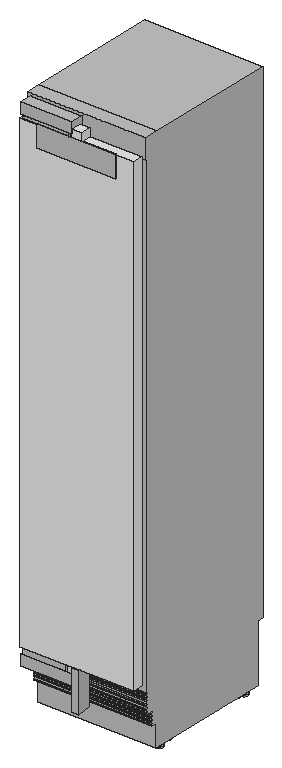
Revit family "FP-Revit20-en-RS4621FLJE1-Freezer-0-AS-AU-CN-EU-IE-NZ-SG-UK-90001086A", category Specialty Equipment, Revit 2020
Family settings
  Round Connector Dimension = Use Diameter
  Part Type = Normal
  OmniClass Number = 23.40.40.11.11
  OmniClass Title = Refrigerators and Freezers
  Work Plane-Based = No
  Always vertical = Yes
  Cut with Voids When Loaded = Yes
  Shared = No
  Room Calculation Point = No
Parameters (values of type "RS4621FLJE1")
  Visibility - Water Connection = no
  Visibility - Visibility Control Note = yes
  Visibility - Clearance Required = yes
  URL = "www.fisherpaykel.com"
  Stainless Steel Door Panels (RD4612L10D) = no
  Product - Width = 451 mm  # constant formula
  Product - Height = 2134 mm  # constant formula
  Product - Depth (exl front panel) = 610 mm  # constant formula
  Model = "RS4621FLJE1"
  Material - Handle = Fisher & Paykel - Aluminium
  Material - Door Structure = Fisher & Paykel - White
  Material - Door Front = Fisher & Paykel - Stainless Steel
  Material - Body = Fisher & Paykel - Grey
  Manufacturer = "Fisher & Paykel Appliances"
  Handle Style - Contemporary Square (AHD3-RD21) = no
  Handle Style - Contemporary Round (AHS-RD21) = no
  Description = "46cm Integrated Column Freezer, stainless steel interior"
  Default Elevation = 0 mm
  Connector Description - Water = "Water Supply not required"
  Connector Description - Electrical = "230 V, 10 amp fused electrical supply"
  Cavity - Width = 457 mm  # constant formula
  Cavity - Height = 2134 mm  # constant formula
  Cavity - Depth = 650 mm  # constant formula
Types (4, lengths in mm): name | Visibility - Water Connection | Model | Description | Connector Description - Water
  (no name) | no | "RS4621FLJE1" | "46cm Integrated Column Freezer, stainless steel interior" | "Water Supply not required"
  RS4621FLJK1 | no | "RS4621FLJK1" | "46cm Integrated Column Freezer with internal ice maker, stainless steel interior" | "1/2 BSP Stainless steel braided hose"
  RS4621FLJE1 | no | "RS4621FLJE1" | "46cm Integrated Column Freezer, stainless steel interior" | "Water Supply not required"
  RS4621FLJ1 | yes | "RS4621FLJ1" | "46cm Integrated Column Freezer with internal ice maker, white interior" | "Water Supply not required"
Reference planes
  plane 1 "Datum": y = 0
  plane 2: z = 0
  plane 3 "Center (Left/Right)": x = 0
  plane 4 "Product LHS": x = -225.5
  plane 5 "Product RHS": x = 225.5
  plane 6 "Product - Depth": y = 610
  plane 7 "Cavity LHS": x = -228.5
  plane 8 "Cavity RHS": x = 228.5
  plane 9 "Cavity - Depth": y = 628
  plane 10 "Handle Offset": x = 162.5
  plane 11 "Product Height": z = 2134
  plane 12 "Cavity Height": z = 2134
  plane 13 "Door Panel Datum": y = -4.1
Forms (mm)
  Extrusion 1, solid, material "Fisher & Paykel - Grey" <- "Material - Body", detail levels fine
    sketch origin (0, 0, 0) x (0, 1, 0) y (0, 0, 1)
      loop
        line (100.1, 19.1) -> (587.9, 19.1) -> (587.9, 239.7) -> (610, 239.7) -> (610, 2131.9) -> (105.1, 2131.9) -> (105.1, 2134) -> (49.9, 2134) -> (49.9, 2059) -> (56, 2059) -> (56, 228.6) -> (59.5, 228.6) -> (59.5, 219.7) -> (56.5, 219.7) -> (56.5, 215.9) -> (59.5, 215.9) -> (59.5, 207) -> (56.5, 207) -> (56.5, 203.2) -> (59.5, 203.2) -> (59.5, 194.3) -> (56.5, 194.3) -> (56.5, 190.5) -> (59.5, 190.5) -> (59.5, 181.6) -> (56.5, 181.6) -> (56.5, 177.8) -> (59.5, 177.8) -> (59.5, 168.9) -> (56.5, 168.9) -> (56.5, 165.1) -> (59.5, 165.1) -> (59.5, 156.2) -> (56.5, 156.2) -> (56.5, 152.4) -> (84.1, 152.4) -> (84.1, 143.5) -> (81.1, 143.5) -> (81.1, 139.7) -> (84.1, 139.7) -> (84.1, 130.8) -> (81.1, 130.8) -> (81.1, 127) -> (84.1, 127) -> (84.1, 118.1) -> (81.1, 118.1) -> (81.1, 114.3) -> (84.1, 114.3) -> (84.1, 105.4) -> (81.1, 105.4) -> (81.1, 101.6) -> (100.1, 101.6) -> (100.1, 19.1)
    from -225.5 to 225.5
  Extrusion 2, solid, material "Fisher & Paykel - Grey" <- "Material - Body"
    sketch origin (0, 0, 0) x (1, 0, 0) y (0, 1, 0)
      loop
        circle (-205, 547.8) r 4.1
      loop
        circle (-205, 141.8) r 4.1
      loop
        circle (205, 547.8) r 4.1
      loop
        circle (205, 141.8) r 4.1
    from 3 to 19.5
  Extrusion 3, solid, material "Fisher & Paykel - Grey" <- "Material - Body"
    sketch origin (0, 0, 0) x (1, 0, 0) y (0, 1, 0)
      loop
        circle (-205, 547.8) r 14.5
      loop
        circle (-205, 141.8) r 14.555
      loop
        circle (205, 547.8) r 14.5
      loop
        circle (205, 141.8) r 14.555
    from 0 to 3
  Extrusion 4, solid, material "Fisher & Paykel - Grey" <- "Material - Body", detail levels fine
    sketch origin (0, 0, 0) x (1, 0, 0) y (0, 1, 0)
      loop
        line (-7.5, 49) -> (-13.797, -4.1) -> (13.797, -4.1) -> (7.5, 49) -> (-7.5, 49)
    from 104.2 to 254.2
  Extrusion 5, solid, material "Fisher & Paykel - Grey" <- "Material - Body", detail levels fine
    sketch origin (0, 0, 0) x (0, 1, 0) y (0, 0, 1)
      loop
        line (0, 2070.6) -> (0, 1988.6) -> (2, 1988.6) -> (2, 2068.6) -> (4, 2068.6) -> (4, 2070.6) -> (0, 2070.6)
    from -150 to 150
  Extrusion 6, solid, material "Fisher & Paykel - Grey" <- "Material - Body"
    sketch origin (0, 0, 0) x (1, 0, 0) y (0, 0, 1)
      loop
        circle (150.5, 119.813) r 5
      loop
        circle (-150.5, 119.813) r 5
    from -590 to -587.9
  Extrusion 7, solid, material "Fisher & Paykel - White" <- "Material - Door Structure"
    sketch origin (0, 0, 0) x (1, 0, 0) y (0, 1, 0)
      loop
        line (-200.5, 56) -> (-200.5, 42) -> (200.5, 42) -> (200.5, 56) -> (-200.5, 56)
    from 269.6 to 2030.7
  Extrusion 8, solid, material "Fisher & Paykel - White" <- "Material - Door Structure"
    sketch origin (0, 0, 0) x (1, 0, 0) y (0, 1, 0)
      loop
        line (-216.9, 42) -> (-216.9, 3) -> (216.9, 3) -> (216.9, 42) -> (-216.9, 42)
    from 254.2 to 2068.6
  Extrusion 9, solid, material "Fisher & Paykel - White" <- "Material - Door Structure", detail levels fine
    sketch origin (0, 0, 0) x (1, 0, 0) y (0, 0, 1)
      loop
        line (-18.92, 2100.1) -> (-18.92, 2068.6) -> (18.92, 2068.6) -> (18.92, 2100.1) -> (-18.92, 2100.1)
    from -42 to -3
  Extrusion 10, solid, material "Fisher & Paykel - Stainless Steel" <- "Material - Door Front", visible <- "Stainless Steel Door Panels (RD4612L10D)"
    sketch origin (0, 0, 0) x (0, 1, 0) y (0, 0, 1)
      loop
        line (-22.1, 2130.8) -> (-22.1, 102) -> (-4.1, 102) -> (-4.1, 2130.8) -> (-22.1, 2130.8)
    from -225.5 to 225.5
  Extrusion 11, solid, material "Fisher & Paykel - Grey" <- "Material - Body", detail levels coarse+medium
    sketch origin (0, 0, 0) x (0, 1, 0) y (0, 0, 1)
      loop
        line (49.9, 2134) -> (49.9, 2059) -> (56, 2059) -> (56, 152.4) -> (81.1, 152.4) -> (81.1, 101.6) -> (100.1, 101.6) -> (100.1, 19.1) -> (587.9, 19.1) -> (587.9, 239.7) -> (610, 239.7) -> (610, 2134) -> (49.9, 2134)
    from -225.5 to 225.5
  Extrusion 12, solid, material "Fisher & Paykel - Grey" <- "Material - Body", detail levels fine
    sketch origin (0, 0, 0) x (-1, 0, 0) y (0, 0, -1)
      loop
        line (213.9, -187.65) -> (18.92, -187.65) -> (18.92, -229.75) -> (213.9, -229.75) -> (213.9, -187.65)
    from -56 to -2.5
  Extrusion 13, solid, material "Fisher & Paykel - Grey" <- "Material - Body", detail levels fine
    sketch origin (0, 0, 0) x (-1, 0, 0) y (0, 0, -1)
      loop
        line (213.9, -2123.15) -> (213.9, -2081.05) -> (18.92, -2081.05) -> (18.92, -2123.15) -> (213.9, -2123.15)
    from -49 to -2.5
  Extrusion 14, solid, material "Fisher & Paykel - Grey" <- "Material - Body", detail levels fine
    sketch origin (0, 0, -4) x (0, 1, 0) y (0, 0, 1)
      loop
        arc (163.888, 23.1) -> (180.4, 13.63) -> (196.912, 23.1) r 19.13
        line (196.912, 23.1) -> (163.888, 23.1)
      loop
        arc (493.888, 23.1) -> (510.4, 13.63) -> (526.912, 23.1) r 19.13
        line (526.912, 23.1) -> (493.888, 23.1)
    from 191 to 219
  Extrusion 15, solid, material "Fisher & Paykel - Grey" <- "Material - Body", detail levels fine
    sketch origin (0, 0, -4) x (0, 1, 0) y (0, 0, -1)
      loop
        line (163.888, -23.1) -> (196.912, -23.1)
        arc (196.912, -23.1) -> (180.4, -13.63) -> (163.888, -23.1) r 19.13
      loop
        line (493.888, -23.1) -> (526.912, -23.1)
        arc (526.912, -23.1) -> (510.4, -13.63) -> (493.888, -23.1) r 19.13
    from 191 to 219
  Extrusion 16, solid, material "Fisher & Paykel - Clearance Required", visible <- "Visibility - Clearance Required", detail levels coarse
    sketch origin (0, 0, 0) x (1, 0, 0) y (0, 1, 0)
      loop
        line (-228.5, 628) -> (-228.5, -4.1) -> (228.5, -4.1) -> (228.5, 628) -> (-228.5, 628)
    from 0 to 2134
  Extrusion 17, void
    sketch origin (0, 0, 0) x (1, 0, 0) y (0, 1, 0)
      loop
        line (-228.5, 628) -> (-228.5, -22.1) -> (228.5, -22.1) -> (228.5, 628) -> (-228.5, 628)
    from 0 to 2134
  Extrusion 18, solid, material "Fisher & Paykel - Clearance Required", visible <- "Visibility - Clearance Required", detail levels coarse
    sketch origin (0, 0, 0) x (-1, 0, 0) y (0, -1, 0)
      loop
        arc (225.5, 22) -> (228.121, 56.773) -> (262.718, 61.136) r 27.557
        line (262.718, 61.136) -> (415.635, 389) -> (441.854, 376.771)
        arc (441.854, 376.771) -> (467.405, 384.436) -> (458.764, 409.673) r 18.51
        line (458.764, 409.673) -> (431.257, 422.5) -> (453.319, 469.812)
        arc (453.319, 469.812) -> (-5.345, 426.678) -> (-225.5, 22) r 489.999
        line (-225.5, 22) -> (225.5, 22)
    from 0 to 2134
  Extrusion 19, solid, material "Fisher & Paykel - Grey" <- "Material - Body", detail levels fine
    sketch origin (0, 0, 0) x (-1, 0, 0) y (0, 0, -1)
      loop
        line (41.9, -254.2) -> (206.9, -254.2) -> (206.9, -229.75) -> (41.9, -229.75) -> (41.9, -254.2)
      loop
        line (29.5, -2081.05) -> (166.9, -2081.05) -> (206.9, -2076.05) -> (206.9, -2068.6) -> (29.5, -2068.6) -> (29.5, -2081.05)
    from -7 to -4
Lines and regions (mm)
  model lines, style "Fisher & Paykel"
    curve 1: line (-225.5, -4.1, 2130.8) -> (225.5, -4.1, 2130.8)
    curve 2: line (-225.5, -4.1, 102) -> (-225.5, -4.1, 2130.8)
    curve 3: line (225.5, -4.1, 102) -> (-225.5, -4.1, 102)
    curve 4: line (225.5, -4.1, 2130.8) -> (225.5, -4.1, 102)
Text (mm)
  text "Due to ongoing product development, product details are subject to change without notice. \nPlease always refer to www.fisherpaykel.com for the most current product information. \n© Fisher & Paykel 2020" at (41.04, -588.295, 0), in view "Ref. Level (Plan)"
Dimensions and locks
  equal spacing: plane 4 "Product LHS", plane 3 "Center (Left/Right)", plane 5 "Product RHS"
  "Product - Width": plane 4 "Product LHS" to plane 5 "Product RHS"
  "Product - Depth (exl front panel)": plane 1 "Datum" to plane 6 "Product - Depth"
  equal spacing: plane 7 "Cavity LHS", plane 3 "Center (Left/Right)", plane 8 "Cavity RHS"
  "Cavity - Width": plane 7 "Cavity LHS" to plane 8 "Cavity RHS"
  plane 4 "Product LHS" to Extrusion 2 sketch curve = 24.6 mm
  Extrusion 6 sketch curve to Extrusion 1 = 119.887 mm  (x2)
  Extrusion 6 sketch curve to plane 5 "Product RHS" = 75 mm
  plane 4 "Product LHS" to Extrusion 6 sketch curve = 75 mm
  Extrusion 1 sketch curve to Extrusion 1 sketch curve = 82.5 mm
  Extrusion 1 sketch curve to Extrusion 1 sketch curve = 209.5 mm
  Extrusion 1 sketch curve to Extrusion 1 sketch curve = 220.6 mm
  Extrusion 3 to level = 3 mm
  Extrusion 11 to Extrusion 8 = 235.1 mm
  Extrusion 11 to Extrusion 7 = 250.5 mm
  Extrusion 11 to Extrusion 11 = 2114.9 mm
  "Product - Height": level to plane 11 "Product Height"
  plane 11 "Product Height" to Extrusion 10 = 3.2 mm
  Extrusion 8 to plane 11 "Product Height" = 65.4 mm
  Extrusion 7 to plane 11 "Product Height" = 103.3 mm
  Extrusion 11 sketch curve to plane 11 "Product Height" = 75 mm
  Extrusion 1 sketch curve to plane 11 "Product Height" = 2.1 mm
  Extrusion 1 sketch curve to plane 11 "Product Height" = 75 mm
  "Cavity - Height": plane 12 "Cavity Height" to level
  plane 1 "Datum" to Extrusion 16 = 628 mm
  plane 1 "Datum" to Extrusion 17 = 628 mm
  plane 4 "Product LHS" to plane 10 "Handle Offset" = 388 mm
  plane 4 "Product LHS" to Extrusion 19 sketch curve = 18.6 mm
  Extrusion 19 sketch curve to plane 4 "Product LHS" = 196 mm
  plane 4 "Product LHS" to Extrusion 19 sketch curve = 58.6 mm
  "Cavity - Depth": plane 9 "Cavity - Depth" to Extrusion 18
  Extrusion 18 to plane 1 "Datum" = 22 mm
  radius of Extrusion 6 sketch curve = 5 mm
  aligned and locked: level to plane 2
  aligned and locked: Extrusion 10 to plane 5 "Product RHS"
  aligned and locked: plane 4 "Product LHS" to Extrusion 10
  aligned and locked: Extrusion 11 to plane 5 "Product RHS"
  aligned and locked: Extrusion 11 to plane 4 "Product LHS"
  aligned and locked: Extrusion 11 sketch curve to plane 11 "Product Height"
  aligned and locked: plane 11 "Product Height" to Extrusion 1 sketch curve
  aligned and locked: Extrusion 14 sketch curve to Extrusion 14 sketch curve
  aligned and locked: Extrusion 15 sketch curve to Extrusion 15 sketch curve
  aligned and locked: Extrusion 1 to plane 5 "Product RHS"
  aligned and locked: plane 4 "Product LHS" to Extrusion 1
  aligned and locked: Extrusion 11 sketch curve to Extrusion 1  (x4)
  aligned and locked: nested 3 to plane 10 "Handle Offset"
  aligned and locked: nested 2 to plane 10 "Handle Offset"
  aligned and locked: Extrusion 17 to Extrusion 1
Automatic sketch dimensions
  Extrusion 1 sketch curve to plane 6 "Product - Depth" = 0 mm
  Extrusion 1 sketch curve to Extrusion 1 sketch curve = 22.1 mm
  Extrusion 1 sketch curve to plane 1 "Datum" = 105.1 mm
  level to Extrusion 1 sketch curve = 19.1 mm
  Extrusion 1 sketch curve to plane 1 "Datum" = 100.1 mm
  Extrusion 1 sketch curve to Extrusion 1 sketch curve = 16 mm
  Extrusion 1 sketch curve to Extrusion 1 sketch curve = 0 mm  (x8)
  Extrusion 1 sketch curve to Extrusion 1 sketch curve = 3 mm  (x10)
  Extrusion 1 sketch curve to plane 1 "Datum" = 59.5 mm
  Extrusion 1 sketch curve to plane 1 "Datum" = 56 mm
  Extrusion 1 sketch curve to plane 1 "Datum" = 49.9 mm
  Extrusion 1 sketch curve to Extrusion 1 sketch curve = 3.8 mm  (x10)
  Extrusion 1 sketch curve to Extrusion 1 sketch curve = 8.9 mm  (x9)
  Extrusion 2 sketch curve to plane 4 "Product LHS" = 20.5 mm  (x2)
  plane 5 "Product RHS" to Extrusion 2 sketch curve = 20.5 mm  (x2)
  Extrusion 2 sketch curve to plane 1 "Datum" = 141.8 mm  (x2)
  Extrusion 2 sketch curve to plane 6 "Product - Depth" = 62.2 mm  (x2)
  Extrusion 3 sketch curve to plane 4 "Product LHS" = 20.5 mm  (x2)
  plane 5 "Product RHS" to Extrusion 3 sketch curve = 20.5 mm  (x2)
  Extrusion 3 sketch curve to plane 1 "Datum" = 141.8 mm  (x2)
  Extrusion 3 sketch curve to plane 6 "Product - Depth" = 62.2 mm  (x2)
  plane 1 "Datum" to Extrusion 4 sketch curve = 4.1 mm
  Extrusion 4 sketch curve to plane 3 "Center (Left/Right)" = 13.797 mm
  Extrusion 4 sketch curve to plane 3 "Center (Left/Right)" = 7.5 mm
  plane 3 "Center (Left/Right)" to Extrusion 4 sketch curve = 7.5 mm
  plane 3 "Center (Left/Right)" to Extrusion 4 sketch curve = 13.797 mm
  Extrusion 4 sketch curve to plane 1 "Datum" = 49 mm
  Extrusion 5 sketch curve to plane 1 "Datum" = 0 mm
  Extrusion 5 sketch curve to plane 1 "Datum" = 2 mm
  Extrusion 5 sketch curve to Extrusion 5 sketch curve = 2 mm  (x2)
  plane 11 "Product Height" to Extrusion 5 sketch curve = 145.4 mm
  plane 11 "Product Height" to Extrusion 5 sketch curve = 65.4 mm
  Extrusion 7 sketch curve to plane 4 "Product LHS" = 25 mm
  plane 5 "Product RHS" to Extrusion 7 sketch curve = 25 mm
  Extrusion 7 sketch curve to plane 1 "Datum" = 42 mm
  Extrusion 7 sketch curve to Extrusion 7 sketch curve = 14 mm
  Extrusion 8 sketch curve to plane 1 "Datum" = 3 mm
  Extrusion 8 sketch curve to plane 4 "Product LHS" = 8.6 mm
  plane 5 "Product RHS" to Extrusion 8 sketch curve = 8.6 mm
  Extrusion 8 sketch curve to Extrusion 8 sketch curve = 39 mm
  Extrusion 9 sketch curve to plane 3 "Center (Left/Right)" = 18.92 mm
  plane 3 "Center (Left/Right)" to Extrusion 9 sketch curve = 18.92 mm
  plane 11 "Product Height" to Extrusion 9 sketch curve = 65.4 mm
  Extrusion 9 sketch curve to Extrusion 9 sketch curve = 31.5 mm
  plane 1 "Datum" to Extrusion 10 sketch curve = 22.1 mm
  plane 1 "Datum" to Extrusion 10 sketch curve = 4.1 mm
  level to Extrusion 10 sketch curve = 102 mm
  plane 11 "Product Height" to Extrusion 10 sketch curve = 3.2 mm
  Extrusion 11 sketch curve to plane 6 "Product - Depth" = 0 mm
  Extrusion 11 sketch curve to plane 6 "Product - Depth" = 22.1 mm
  Extrusion 11 sketch curve to plane 1 "Datum" = 100.1 mm
  Extrusion 11 sketch curve to Extrusion 11 sketch curve = 19 mm
  Extrusion 11 sketch curve to plane 1 "Datum" = 56 mm
  Extrusion 11 sketch curve to plane 1 "Datum" = 49.9 mm
  plane 3 "Center (Left/Right)" to Extrusion 12 sketch curve = 18.92 mm
  plane 4 "Product LHS" to Extrusion 12 sketch curve = 11.6 mm
  Extrusion 12 sketch curve to level = 187.65 mm
  Extrusion 12 sketch curve to Extrusion 12 sketch curve = 42.1 mm
  plane 3 "Center (Left/Right)" to Extrusion 13 sketch curve = 18.92 mm
  plane 4 "Product LHS" to Extrusion 13 sketch curve = 11.6 mm
  Extrusion 13 sketch curve to plane 11 "Product Height" = 52.95 mm
  Extrusion 13 sketch curve to plane 11 "Product Height" = 10.85 mm
  level to Extrusion 14 sketch curve = 19.1 mm
  Extrusion 14 sketch curve to plane 1 "Datum" = 163.888 mm
  Extrusion 14 sketch curve to Extrusion 14 sketch curve = 16.512 mm  (x2)
  Extrusion 14 sketch curve to plane 6 "Product - Depth" = 116.112 mm
  Extrusion 14 sketch curve to Extrusion 14 sketch curve = 9.66 mm  (x2)
  level to Extrusion 15 sketch curve = 19.1 mm
  Extrusion 15 sketch curve to plane 1 "Datum" = 163.888 mm
  Extrusion 15 sketch curve to Extrusion 15 sketch curve = 16.512 mm  (x2)
  Extrusion 15 sketch curve to plane 6 "Product - Depth" = 116.112 mm
  Extrusion 15 sketch curve to Extrusion 15 sketch curve = 9.66 mm  (x2)
  Extrusion 16 sketch curve to plane 7 "Cavity LHS" = 0 mm
  Extrusion 16 sketch curve to plane 8 "Cavity RHS" = 0 mm
  Extrusion 16 sketch curve to plane 9 "Cavity - Depth" = 0 mm
  plane 1 "Datum" to Extrusion 16 sketch curve = 4.1 mm
  Extrusion 17 sketch curve to plane 7 "Cavity LHS" = 0 mm
  Extrusion 17 sketch curve to plane 8 "Cavity RHS" = 0 mm
  Extrusion 17 sketch curve to plane 9 "Cavity - Depth" = 0 mm
  plane 1 "Datum" to Extrusion 17 sketch curve = 22.1 mm
  Extrusion 18 sketch curve to plane 5 "Product RHS" = 0 mm
  plane 4 "Product LHS" to Extrusion 18 sketch curve = 0 mm
  Extrusion 18 sketch curve to plane 7 "Cavity LHS" = 19.59 mm
  Extrusion 18 sketch curve to Extrusion 18 sketch curve = 14.629 mm
  Extrusion 18 sketch curve to plane 1 "Datum" = 17.663 mm
  Extrusion 18 sketch curve to Extrusion 18 sketch curve = 16.39 mm
  Extrusion 18 sketch curve to plane 7 "Cavity LHS" = 187.135 mm
  Extrusion 18 sketch curve to Extrusion 18 sketch curve = 15.622 mm
  Extrusion 18 sketch curve to Extrusion 18 sketch curve = 26.219 mm
  Extrusion 18 sketch curve to Extrusion 18 sketch curve = 9.088 mm
  Extrusion 18 sketch curve to Extrusion 18 sketch curve = 22.062 mm
  Extrusion 18 sketch curve to Extrusion 18 sketch curve = 7.823 mm
  Extrusion 18 sketch curve to plane 1 "Datum" = 22 mm
  Extrusion 18 sketch curve to Extrusion 18 sketch curve = 20.12 mm
  Extrusion 18 sketch curve to Extrusion 18 sketch curve = 93.041 mm
  Extrusion 18 sketch curve to Extrusion 18 sketch curve = 16.126 mm
  plane 3 "Center (Left/Right)" to Extrusion 19 sketch curve = 41.9 mm
  plane 4 "Product LHS" to Extrusion 19 sketch curve = 18.6 mm
  Extrusion 19 sketch curve to level = 229.75 mm
  Extrusion 19 sketch curve to Extrusion 19 sketch curve = 24.45 mm
  Extrusion 19 sketch curve to plane 11 "Product Height" = 65.4 mm
  Extrusion 19 sketch curve to Extrusion 19 sketch curve = 7.45 mm
  Extrusion 19 sketch curve to Extrusion 19 sketch curve = 5 mm
  plane 5 "Product RHS" to curve 1 = 0 mm
  plane 4 "Product LHS" to curve 3 = 0 mm
  level to curve 3 = 102 mm
  plane 11 "Product Height" to curve 2 = 3.2 mm
  radius of Extrusion 2 sketch curve = 4.1 mm  (x3)
  radius of Extrusion 3 sketch curve = 14.5 mm  (x2)
  radius of Extrusion 3 sketch curve = 14.555 mm  (x2)
  radius of Extrusion 6 sketch curve = 5 mm
Nested families
  nested 1: "Visibility Control Note 18" at (0, 0, 0), visible <- "Visibility - Visibility Control Note", type "Visibility Control Note 18"
  nested 2: "Handle Contemporary Round - Vertical" at (162.5, -22.1, 1242.58), visible <- "Handle Style - Contemporary Round (AHS-RD21)", type "AHS-RD21 - Contemporary round handle (Vertical) 852mm"
  nested 3: "Handle Contemporary Square - Vertical" at (162.5, -22.1, 1242.58), visible <- "Handle Style - Contemporary Square (AHD3-RD21)", type "AHD3-RD21 - Contemporary square handle (Vertical) 852mm"
Connectors
  electrical at (-150.5, 590, 119.813), driven by "Connector Description - Electrical"
    settings: on Extrusion 6, index 1, voltage 230 V, apparent load 0 VA, apparent load phase1 0 VA, apparent load phase2 0 VA, apparent load phase3 0 VA, power factor 1, load classification "Other", number of poles 1, system type 30, power factor state 1, is connector primary yes, connector utility no, sub classification motor no, connector description "230 V, 10 amp fused electrical supply"
  piping at (150.5, 590, 119.813), diameter 12.7, driven by "Connector Description - Water", driven by "Visibility - Water Connection"
    settings: on Extrusion 6, index 2, connector inside diameter 609.6 mm, connector length 0 mm, flow factor 0, pipe flow 0.0 L/s, pressure drop 0.0 Pa, fitting loss kfactor 0, connector angle 0.00°, fixture units 0, engagement length 0 mm, angle of deflection 0.00°, flow configuration 0, flow direction 1, fitting loss method 0, system type 20, joint type 0, gender type 0, connector reference index -1, connector utility 0, adjustable connector no, is connector primary yes, connector description "Water Supply not required"
Definition of nested family "Handle Contemporary Round - Vertical"
  Parameters (values of type "AHSRS80A - Contemporary round handle (1 of 2) (Vertical) 727mm")
    URL = "www.fisherpaykel.com"
    Material - Handle = none
    Manufacturer = "Fisher & Paykel Appliances"
    Handle - Length = 727 mm
    Default Elevation = 0 mm
  Types (6, lengths in mm): name | Handle - Length
    AHS-RD21 - Contemporary round handle (Vertical) 852mm | 852
    AHSRD2484W - Contemporary round handle (1 of 2) (Vertical) 727mm | 727
    AHSRD3084W - Contemporary round handle (1 of 2) (Vertical) 727mm | 727
    AHS-RD84 - Contemporary round handle (Vertical) 852mm | 852
    AHSRS3272A - Contemporary round handle (1 of 2) (Vertical) 727mm | 727
    AHSRS80A - Contemporary round handle (1 of 2) (Vertical) 727mm | 727
  Reference planes
    plane 1 "Center (Front/Back)": y = 0
    plane 2: z = 0
    plane 3 "Center (Left/Right)": x = 0
    plane 4 "Top": z = 363.5
    plane 5 "Bottom": z = -363.5
    plane 6 "Top Standoff": z = 243.5
    plane 7 "Bottom Standoff": z = -243.5
  Forms (mm)
    Extrusion 1, solid, material <- "Material - Handle"
      sketch origin (0, 0, 0) x (1, 0, 0) y (0, 1, 0)
        loop
          circle (0, -32.3) r 8.7
      from -243.5 to 243.5
    Extrusion 2, solid, material <- "Material - Handle", detail levels fine
      sketch origin (0, 0, 0) x (1, 0, 0) y (0, 1, 0)
        loop
          line (-8.7, 0) -> (-8.7, -32.3)
          arc (-8.7, -32.3) -> (0, -41) -> (8.7, -32.3) r 8.7
          line (8.7, -32.3) -> (8.7, 0) -> (-8.7, 0)
      from 243.5 to 363.5
    Extrusion 3, solid, material <- "Material - Handle", detail levels fine
      sketch origin (0, 0, 0) x (1, 0, 0) y (0, 1, 0)
        loop
          line (-8.7, 0) -> (-8.7, -32.3)
          arc (-8.7, -32.3) -> (0, -41) -> (8.7, -32.3) r 8.7
          line (8.7, -32.3) -> (8.7, 0) -> (-8.7, 0)
      from -363.5 to -243.5
    Sweep 4, void
      path in 3D
        loop
          line (8.7, 0, -363.5) -> (8.7, -32.3, -363.5)
          arc (8.7, -32.3, -363.5) -> (0, -41, -363.5) -> (-8.7, -32.3, -363.5) r 8.7
          line (-8.7, -32.3, -363.5) -> (-8.7, 0, -363.5)
      profile origin (8.7, -16.15, -363.5) x (-1, 0, 0) y (0, 0, -1)
        loop
          line (0, 0) -> (0, -1) -> (1, 0) -> (0, 0)
    Sweep 5, void
      path in 3D
        loop
          line (-8.7, 0, 363.5) -> (-8.7, -32.3, 363.5)
          arc (-8.7, -32.3, 363.5) -> (0, -41, 363.5) -> (8.7, -32.3, 363.5) r 8.7
          line (8.7, -32.3, 363.5) -> (8.7, 0, 363.5)
      profile origin (8.7, -16.15, 363.5) x (-1, 0, 0) y (0, 0, 1)
        loop
          line (0, 0) -> (0, -1) -> (1, 0) -> (0, 0)
    Extrusion 6, solid, material <- "Material - Handle", detail levels coarse+medium
      sketch origin (0, 0, 0) x (1, 0, 0) y (0, 1, 0)
        loop
          line (-8.7, 0) -> (-8.7, -32.3)
          arc (-8.7, -32.3) -> (0, -41) -> (8.7, -32.3) r 8.7
          line (8.7, -32.3) -> (8.7, 0) -> (-8.7, 0)
      from 243.5 to 363.5
    Extrusion 7, solid, material <- "Material - Handle", detail levels coarse+medium
      sketch origin (0, 0, 0) x (1, 0, 0) y (0, 1, 0)
        loop
          line (-8.7, 0) -> (-8.7, -32.3)
          arc (-8.7, -32.3) -> (0, -41) -> (8.7, -32.3) r 8.7
          line (8.7, -32.3) -> (8.7, 0) -> (-8.7, 0)
      from -363.5 to -243.5
  Cuts and joins
    Sweep 4 cuts Extrusion 3
    Sweep 5 cuts Extrusion 2
  Lines and regions (mm)
    sketch lines
      curve 1: line (8.7, 0, -363.5) -> (8.7, -32.3, -363.5)
      curve 2: arc (-8.7, -32.3, -363.5) -> (0, -41, -363.5) -> (8.7, -32.3, -363.5) r 8.7
      curve 3: line (-8.7, -32.3, -363.5) -> (-8.7, 0, -363.5)
      curve 4: line (8.7, -32.3, 363.5) -> (8.7, 0, 363.5)
      curve 5: arc (8.7, -32.3, 363.5) -> (0, -41, 363.5) -> (-8.7, -32.3, 363.5) r 8.7
      curve 6: line (-8.7, 0, 363.5) -> (-8.7, -32.3, 363.5)
  Dimensions and locks
    equal spacing: plane 4 "Top", level, plane 5 "Bottom"
    "Handle - Length": plane 4 "Top" to plane 5 "Bottom"
    locked: plane 4 "Top" to plane 6 "Top Standoff" at 120
    locked: plane 7 "Bottom Standoff" to plane 5 "Bottom" at 120
    Extrusion 2 sketch curve to Extrusion 2 sketch curve = 17.4 mm
    Extrusion 3 sketch curve to Extrusion 3 sketch curve = 17.4 mm
    Extrusion 6 sketch curve to Extrusion 6 sketch curve = 17.4 mm
    Extrusion 7 sketch curve to Extrusion 7 sketch curve = 17.4 mm
    aligned and locked: level to plane 2
    aligned and locked: plane 4 "Top" to Extrusion 2
    aligned and locked: Extrusion 3 to plane 5 "Bottom"
    aligned and locked: plane 7 "Bottom Standoff" to Extrusion 3
    aligned and locked: Extrusion 1 to plane 7 "Bottom Standoff"
    aligned and locked: plane 6 "Top Standoff" to Extrusion 1
    aligned and locked: Extrusion 2 to Extrusion 1
    aligned and locked: Extrusion 6 to Extrusion 1
    aligned and locked: plane 4 "Top" to Extrusion 6
    aligned and locked: Extrusion 7 to Extrusion 1
    aligned and locked: Extrusion 7 to plane 5 "Bottom"
  Automatic sketch dimensions
    Extrusion 1 sketch curve to plane 3 "Center (Left/Right)" = 0 mm
    plane 1 "Center (Front/Back)" to Extrusion 1 sketch curve = 32.3 mm
    plane 1 "Center (Front/Back)" to Extrusion 2 sketch curve = 0 mm
    Extrusion 2 sketch curve to plane 3 "Center (Left/Right)" = 0 mm
    Extrusion 2 sketch curve to plane 3 "Center (Left/Right)" = 8.7 mm
    plane 1 "Center (Front/Back)" to Extrusion 2 sketch curve = 32.3 mm
    plane 1 "Center (Front/Back)" to Extrusion 3 sketch curve = 0 mm
    Extrusion 3 sketch curve to plane 3 "Center (Left/Right)" = 0 mm
    Extrusion 3 sketch curve to plane 3 "Center (Left/Right)" = 8.7 mm
    plane 1 "Center (Front/Back)" to Extrusion 3 sketch curve = 32.3 mm
    Sweep 4 sketch curve to profile plane = 0 mm  (x2)
    Sweep 4 sketch curve to profile plane = 1 mm  (x2)
    Sweep 5 sketch curve to profile plane = 0 mm  (x2)
    Sweep 5 sketch curve to profile plane = 1 mm  (x2)
    Extrusion 6 sketch curve to plane 3 "Center (Left/Right)" = 0 mm
    Extrusion 6 sketch curve to plane 3 "Center (Left/Right)" = 8.7 mm
    plane 1 "Center (Front/Back)" to Extrusion 6 sketch curve = 32.3 mm
    Extrusion 6 sketch curve to Extrusion 6 sketch curve = 32.3 mm
    Extrusion 7 sketch curve to plane 3 "Center (Left/Right)" = 0 mm
    Extrusion 7 sketch curve to plane 3 "Center (Left/Right)" = 8.7 mm
    plane 1 "Center (Front/Back)" to Extrusion 7 sketch curve = 32.3 mm
    Extrusion 7 sketch curve to Extrusion 7 sketch curve = 32.3 mm
    radius of Extrusion 1 sketch curve = 8.7 mm
Definition of nested family "Handle Contemporary Square - Vertical"
  Parameters (values of type "AHD3RS80A - Contemporary square handle (1 of 2) (Vertical) 727mm")
    URL = "www.fisherpaykel.com"
    Material - Handle = none
    Manufacturer = "Fisher & Paykel Appliances"
    Handle - Length = 727 mm
    Default Elevation = 0 mm
  Types (7, lengths in mm): name | Handle - Length
    (no name) | 727
    AHD3-RD21 - Contemporary square handle (Vertical) 852mm | 852
    AHD3RD2484W - Contemporary square handle (1 of 2) (Vertical) 727mm | 727
    AHD3RD3084W - Contemporary square handle (1 of 2) (Vertical) 727mm | 727
    AHD3-RD84 - Contemporary square handle (Vertical) 852mm | 852
    AHD3RS3272A - Contemporary square handle (1 of 2) (Vertical) 727mm | 727
    AHD3RS80A - Contemporary square handle (1 of 2) (Vertical) 727mm | 727
  Reference planes
    plane 1 "Center (Front/Back)": y = 0
    plane 2: z = 0
    plane 3 "Center (Left/Right)": x = 0
    plane 4 "Top": z = 363.5
    plane 5 "Bottom": z = -363.5
    plane 6 "Top Standoff": z = 243.5
    plane 7 "Bottom Standoff": z = -243.5
  Forms (mm)
    Extrusion 1, solid, material <- "Material - Handle", detail levels fine
      sketch origin (0, 0, 0) x (1, 0, 0) y (0, 1, 0)
        loop
          arc (-7.583, -28.701) -> (-7.89, -29.057) -> (-8, -29.514) r 1
          line (-8, -29.514) -> (-8, -40.5)
          arc (-8, -40.5) -> (-7.561, -41.561) -> (-6.5, -42) r 1.5
          line (-6.5, -42) -> (6.5, -42)
          arc (6.5, -42) -> (7.561, -41.561) -> (8, -40.5) r 1.5
          line (8, -40.5) -> (8, -29.487)
          arc (8, -29.487) -> (7.889, -29.029) -> (7.58, -28.673) r 1
          arc (7.58, -28.673) -> (-0.006, -26.256) -> (-7.583, -28.701) r 13.038
      from -363.5 to 363.5
    Extrusion 2, solid, material <- "Material - Handle", detail levels fine
      sketch origin (0, 0, 0) x (1, 0, 0) y (0, 1, 0)
        loop
          arc (7.058, -28.23) -> (7.466, -28.244) -> (7.674, -27.893) r 0.4
          line (7.674, -27.893) -> (7.674, 0) -> (-7.674, 0) -> (-7.674, -27.86)
          arc (-7.674, -27.86) -> (-7.467, -28.21) -> (-7.06, -28.198) r 0.4
          arc (-7.06, -28.198) -> (0.004, -26.156) -> (7.058, -28.23) r 13.136
      from 243.5 to 363.5
    Extrusion 3, solid, material <- "Material - Handle", detail levels fine
      sketch origin (0, 0, 0) x (1, 0, 0) y (0, 1, 0)
        loop
          arc (7.058, -28.23) -> (7.466, -28.244) -> (7.674, -27.893) r 0.4
          line (7.674, -27.893) -> (7.674, 0) -> (-7.674, 0) -> (-7.674, -27.86)
          arc (-7.674, -27.86) -> (-7.467, -28.21) -> (-7.06, -28.198) r 0.4
          arc (-7.06, -28.198) -> (0.004, -26.156) -> (7.058, -28.23) r 13.136
      from -363.5 to -243.5
    Sweep 4, void
      path in 3D
        loop
          line (-8, -29.514, 363.5) -> (-8, -40.5, 363.5)
          arc (-8, -40.5, 363.5) -> (-7.561, -41.561, 363.5) -> (-6.5, -42, 363.5) r 1.5
          line (-6.5, -42, 363.5) -> (6.5, -42, 363.5)
          arc (6.5, -42, 363.5) -> (7.561, -41.561, 363.5) -> (8, -40.5, 363.5) r 1.5
          line (8, -40.5, 363.5) -> (8, -29.487, 363.5)
      profile origin (8, -34.994, 363.5) x (-1, 0, 0) y (0, 0, 1)
        loop
          line (0, 0) -> (0, -1.3) -> (1.3, 0) -> (0, 0)
    Sweep 5, void
      path in 3D
        loop
          line (8, -29.487, -363.5) -> (8, -40.5, -363.5)
          arc (8, -40.5, -363.5) -> (7.561, -41.561, -363.5) -> (6.5, -42, -363.5) r 1.5
          line (6.5, -42, -363.5) -> (-6.5, -42, -363.5)
          arc (-6.5, -42, -363.5) -> (-7.561, -41.561, -363.5) -> (-8, -40.5, -363.5) r 1.5
          line (-8, -40.5, -363.5) -> (-8, -29.514, -363.5)
      profile origin (8, -34.994, -363.5) x (-1, 0, 0) y (0, 0, -1)
        loop
          line (0, 0) -> (0, -1.3) -> (1.3, 0) -> (0, 0)
    Extrusion 6, void
      sketch origin (0, 0, 0) x (1, 0, 0) y (0, 0, 1)
        loop
          line (-8, -362.2) -> (-8, -363.5) -> (-6.7, -363.5) -> (-8, -362.2)
        loop
          line (8, -362.2) -> (6.7, -363.5) -> (8, -363.5) -> (8, -362.2)
      from 0 to 40
    Extrusion 7, void
      sketch origin (0, 0, 0) x (1, 0, 0) y (0, 0, 1)
        loop
          line (-8, 363.5) -> (-8, 362.2) -> (-6.7, 363.5) -> (-8, 363.5)
        loop
          line (8, 363.5) -> (6.7, 363.5) -> (8, 362.2) -> (8, 363.5)
      from 0 to 40
    Extrusion 8, solid, material <- "Material - Handle", detail levels coarse+medium
      sketch origin (0, 0, 0) x (0, 1, 0) y (0, 0, 1)
        loop
          line (0, 363.5) -> (-42, 363.5) -> (-42, -363.5) -> (0, -363.5) -> (0, -243.5) -> (-26.245, -243.5) -> (-26.245, 243.5) -> (0, 243.5) -> (0, 363.5)
      from -8 to 8
  Cuts and joins
    Sweep 4, Sweep 5, Extrusion 6, Extrusion 7 cuts Extrusion 1
    Extrusion 6 cuts Extrusion 3
    Extrusion 7 cuts Extrusion 2
  Lines and regions (mm)
    sketch lines
      curve 1: line (8, -40.5, 363.5) -> (8, -29.487, 363.5)
      curve 2: arc (8, -40.5, 363.5) -> (7.561, -41.561, 363.5) -> (6.5, -42, 363.5) r 1.5
      curve 3: line (-6.5, -42, 363.5) -> (6.5, -42, 363.5)
      curve 4: arc (-6.5, -42, 363.5) -> (-7.561, -41.561, 363.5) -> (-8, -40.5, 363.5) r 1.5
      curve 5: line (-8, -29.514, 363.5) -> (-8, -40.5, 363.5)
      curve 6: line (8, -29.487, -363.5) -> (8, -40.5, -363.5)
      curve 7: arc (6.5, -42, -363.5) -> (7.561, -41.561, -363.5) -> (8, -40.5, -363.5) r 1.5
      curve 8: line (6.5, -42, -363.5) -> (-6.5, -42, -363.5)
      curve 9: arc (-8, -40.5, -363.5) -> (-7.561, -41.561, -363.5) -> (-6.5, -42, -363.5) r 1.5
      curve 10: line (-8, -40.5, -363.5) -> (-8, -29.514, -363.5)
  Dimensions and locks
    equal spacing: plane 4 "Top", level, plane 5 "Bottom"
    "Handle - Length": plane 4 "Top" to plane 5 "Bottom"
    locked: plane 4 "Top" to plane 6 "Top Standoff" at 120
    locked: plane 7 "Bottom Standoff" to plane 5 "Bottom" at 120
    aligned and locked: level to plane 2
    aligned and locked: plane 4 "Top" to Extrusion 2
    aligned and locked: Extrusion 2 to plane 6 "Top Standoff"
    aligned and locked: plane 4 "Top" to Extrusion 1
    aligned and locked: Extrusion 1 to plane 5 "Bottom"
    aligned and locked: Extrusion 3 to plane 5 "Bottom"
    aligned and locked: plane 7 "Bottom Standoff" to Extrusion 3
    aligned and locked: plane 4 "Top" to Extrusion 8 sketch curve
    aligned and locked: plane 6 "Top Standoff" to Extrusion 8 sketch curve
    aligned and locked: plane 7 "Bottom Standoff" to Extrusion 8 sketch curve
    aligned and locked: plane 5 "Bottom" to Extrusion 8 sketch curve
    aligned and locked: plane 1 "Center (Front/Back)" to Extrusion 8 sketch curve  (x2)
  Automatic sketch dimensions
    Extrusion 1 sketch curve to plane 3 "Center (Left/Right)" = 8 mm
    Extrusion 1 sketch curve to Extrusion 1 sketch curve = 1 mm  (x2)
    Extrusion 1 sketch curve to Extrusion 1 sketch curve = 1.5 mm
    plane 3 "Center (Left/Right)" to Extrusion 1 sketch curve = 0.018 mm
    plane 3 "Center (Left/Right)" to Extrusion 1 sketch curve = 6.5 mm
    plane 3 "Center (Left/Right)" to Extrusion 1 sketch curve = 7 mm
    plane 1 "Center (Front/Back)" to Extrusion 1 sketch curve = 42 mm
    Extrusion 1 sketch curve to Extrusion 1 sketch curve = 1.206 mm
    Extrusion 1 sketch curve to Extrusion 1 sketch curve = 10.986 mm
    Extrusion 1 sketch curve to Extrusion 1 sketch curve = 11.013 mm
    Extrusion 1 sketch curve to Extrusion 1 sketch curve = 0 mm
    plane 1 "Center (Front/Back)" to Extrusion 2 sketch curve = 0 mm
    Extrusion 2 sketch curve to plane 3 "Center (Left/Right)" = 7.674 mm
    Extrusion 2 sketch curve to Extrusion 2 sketch curve = 0.4 mm  (x2)
    Extrusion 2 sketch curve to plane 3 "Center (Left/Right)" = 0.026 mm
    plane 3 "Center (Left/Right)" to Extrusion 2 sketch curve = 7.274 mm
    plane 1 "Center (Front/Back)" to Extrusion 2 sketch curve = 27.86 mm
    Extrusion 2 sketch curve to Extrusion 2 sketch curve = 0.033 mm
    Extrusion 2 sketch curve to Extrusion 2 sketch curve = 11.398 mm
    Extrusion 2 sketch curve to Extrusion 2 sketch curve = 0 mm
    plane 1 "Center (Front/Back)" to Extrusion 3 sketch curve = 0 mm
    Extrusion 3 sketch curve to Extrusion 3 sketch curve = 0.4 mm  (x2)
    Extrusion 3 sketch curve to Extrusion 3 sketch curve = 7.248 mm
    Extrusion 3 sketch curve to Extrusion 3 sketch curve = 7.3 mm
    plane 1 "Center (Front/Back)" to Extrusion 3 sketch curve = 27.86 mm
    Extrusion 3 sketch curve to Extrusion 3 sketch curve = 0.033 mm
    Extrusion 3 sketch curve to Extrusion 3 sketch curve = 11.398 mm
    Extrusion 3 sketch curve to Extrusion 3 sketch curve = 0 mm
    Sweep 4 sketch curve to profile plane = 0 mm  (x2)
    Sweep 4 sketch curve to profile plane = 1.3 mm  (x2)
    Sweep 5 sketch curve to profile plane = 0 mm  (x2)
    Sweep 5 sketch curve to profile plane = 1.3 mm  (x2)
    Extrusion 6 sketch curve to plane 5 "Bottom" = 0 mm  (x2)
    plane 5 "Bottom" to Extrusion 6 sketch curve = 1.3 mm  (x2)
    Extrusion 6 sketch curve to plane 3 "Center (Left/Right)" = 8 mm
    Extrusion 6 sketch curve to Extrusion 6 sketch curve = 1.3 mm  (x2)
    plane 3 "Center (Left/Right)" to Extrusion 6 sketch curve = 8 mm
    Extrusion 7 sketch curve to plane 4 "Top" = 0 mm  (x2)
    Extrusion 7 sketch curve to plane 3 "Center (Left/Right)" = 8 mm
    Extrusion 7 sketch curve to Extrusion 7 sketch curve = 1.3 mm  (x2)
    plane 3 "Center (Left/Right)" to Extrusion 7 sketch curve = 8 mm
    Extrusion 7 sketch curve to plane 4 "Top" = 1.3 mm  (x2)
    plane 1 "Center (Front/Back)" to Extrusion 8 sketch curve = 26.245 mm
    plane 1 "Center (Front/Back)" to Extrusion 8 sketch curve = 42 mm
    Extrusion 3 sketch curve to plane 3 "Center (Left/Right)" = 7.674 mm
Definition of nested family "Visibility Control Note 18"
  Types (3): name
    New
    Resolved
    Active
  Reference planes
    plane 1: y = 0
    plane 2: x = 0
  Text (mm)
    text "Edit Type: \nTo control handle kit \nand door panel visibility\n options\n\nDelete unwanted kits \nto reduce file size" at (-0.165, 35.556, 0)
